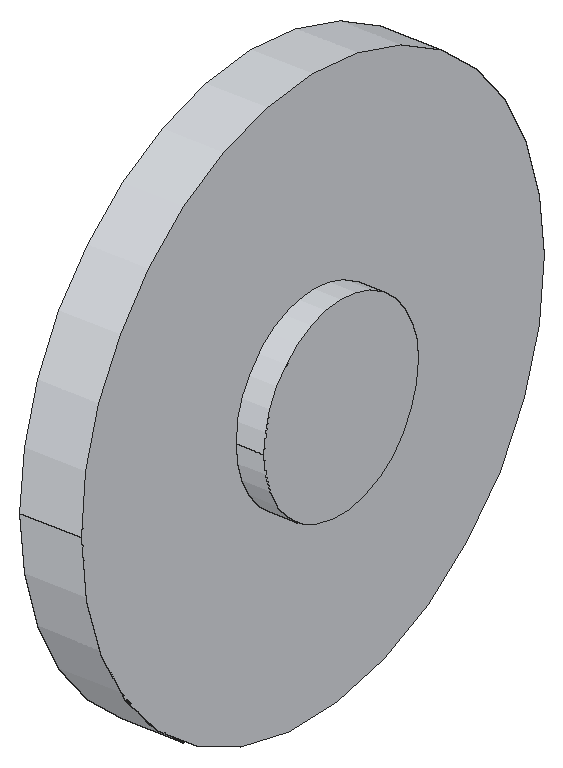
Revit family "ba337de5ef834553a02dcac9fde7aa9d", category Pipe Fittings, Revit 2021
Family settings
  Round Connector Dimension = Use Radius
  Part Type = Flange
  OmniClass Number = 23.60.30.11.14
  OmniClass Title = Pipework Fittings
  Seek Item ID = Flange - Slip-on - Steel - Class 150-0000-USA-ENU
  Work Plane-Based = No
  Always vertical = Yes
  Cut with Voids When Loaded = No
  Shared = No
Parameters (values of type "Standard")
  Tick Size [instance] = Flange Outside Diameter * 0.4  # 1.41732"
  Raised Face Thickness [instance] = 1/16"  # constant formula
  Raised Face Radius [instance] = Raised Face Diameter / 2  # 0.68701"
  Raised Face Diameter [instance] = size_lookup(Lookup Table Name, "RFD", 1.11 * Nominal Diameter + 1 47/128", Nominal Diameter)  # 1.37402"
  Nominal Radius [instance] = 1/4"
  Nominal Diameter [instance] = Nominal Radius * 2  # 1/2"
  Loss Method = Not Defined
  Lookup Table Name = "Flange - Slip-on - Steel - Class 150"
  Length Through Hub [instance] = size_lookup(Lookup Table Name, "LTH", 0.11 * Nominal Diameter + 179/256", Nominal Diameter)  # 0.55118"
  Hub Radius [instance] = Hub Diameter / 2  # 0.59055"
  Hub Diameter [instance] = size_lookup(Lookup Table Name, "HDia", 1.08 * Nominal Diameter + 61/64", Nominal Diameter)  # 1.1811"
  Flange Thickness [instance] = size_lookup(Lookup Table Name, "FThk", 0.05 * Nominal Diameter + 143/256", Nominal Diameter)  # 0.37795"
  Flange Outside Radius [instance] = Flange Outside Diameter / 2  # 1.77165"
  Flange Outside Diameter [instance] = size_lookup(Lookup Table Name, "FOD", 1.24 * Nominal Diameter + 3 135/256", Nominal Diameter)  # 3.54331"
  Default Elevation = 0' - 0"
Reference planes (in)
  plane 1 "Center (Front/Back)": y = 0
  plane 2: z = 0
  plane 3 "Center (Left/Right)": x = 0
  plane 4: x = 0.0625
  plane 5: x = 0.44045
  plane 6: x = 0.61368
  plane 7: y = 1.41732
  plane 8: y = -1.41732
Forms (in)
  Sweep 1, solid, detail levels fine
    path in 3D
      loop
        line (0, 0, 0) -> (0.0625, 0, 0)
    profile origin (0.03125, 0, 0) x (0, 1, 0) y (0, 0, 1)
      loop
        circle (0, 0) r 0.68701
  Sweep 2, solid, detail levels fine
    path in 3D
      loop
        line (0.0625, 0, 0) -> (0.44045, 0, 0)
    profile origin (0.25148, 0, 0) x (0, 1, 0) y (0, 0, 1)
      loop
        circle (0, 0) r 1.77165
  Sweep 3, solid, detail levels fine
    path in 3D
      loop
        line (0.44045, 0, 0) -> (0.61368, 0, 0)
    profile origin (0.52707, 0, 0) x (0, 1, 0) y (0, 0, 1)
      loop
        circle (0, 0) r 0.59055
Cuts and joins
  joined: Sweep 1, Sweep 2, Sweep 3
Lines and regions (in)
  model lines, detail levels coarse+medium
    curve 1: line (0, 0, 0) -> (0.0625, 0, 0)
    curve 2: line (0.0625, 0, 0) -> (0.44045, 0, 0)
    curve 3: line (0.44045, 0, 0) -> (0.61368, 0, 0)
    curve 7: line (0.44045, 1.41732, 0) -> (0.44045, -1.41732, 0)
  sketch lines
    curve 4: line (0, 0, 0) -> (0.0625, 0, 0)
    curve 5: line (0.0625, 0, 0) -> (0.44045, 0, 0)
    curve 6: line (0.44045, 0, 0) -> (0.61368, 0, 0)
Dimensions and locks (in)
  "Raised Face Thickness": plane 3 "Center (Left/Right)" to plane 4
  "Flange Thickness": plane 4 to plane 5
  "Length Through Hub": plane 4 to plane 6
  equal spacing: plane 7, plane 1 "Center (Front/Back)", plane 8
  "Tick Size": plane 7 to plane 1 "Center (Front/Back)"
  "Raised Face Radius": radius of Sweep 1 sketch curve
  "Flange Outside Radius": radius of Sweep 2 sketch curve
  "Hub Radius": radius of Sweep 3 sketch curve
  aligned and locked: plane 3 "Center (Left/Right)" to curve 1
  aligned and locked: plane 4 to curve 1
  aligned and locked: plane 1 "Center (Front/Back)" to curve 1
  aligned and locked: plane 1 "Center (Front/Back)" to curve 2
  aligned and locked: plane 5 to curve 3
  aligned and locked: plane 6 to curve 3
  aligned and locked: plane 1 "Center (Front/Back)" to curve 3
  aligned and locked: plane 7 to curve 7
  aligned and locked: plane 8 to curve 7
  aligned and locked: curve 7 to plane 5
Automatic sketch dimensions
  Sweep 1 sketch curve to profile plane = 0' - 0"  (x2)
  Sweep 2 sketch curve to profile plane = 0' - 0"  (x2)
  Sweep 3 sketch curve to profile plane = 0' - 0"  (x2)
Connectors (in)
  piping at (0, 0, 0), diameter 0.5, driven by "Nominal Radius"
    settings: on cut or joined group of Sweep 1, Sweep 2, Sweep 3, index 1, connector inside diameter 1/2", connector length 0' - 0", flow factor 0, pipe flow 0 GPM, pressure drop 0.00 psi, fitting loss kfactor 0, connector angle 0.00°, fixture units 0, engagement length 0' - 0", angle of deflection 0.00°, flow configuration 0, flow direction 0, fitting loss method 0, system type 28, joint type 0, gender type 0, connector reference index 2, connector utility 0, adjustable connector no, is connector primary yes, connector description ""
  piping at (0.61368, 0, 0), diameter 0.5, driven by "Nominal Radius"
    settings: on cut or joined group of Sweep 1, Sweep 2, Sweep 3, index 2, connector inside diameter 1/2", connector length 0' - 0", flow factor 0, pipe flow 0 GPM, pressure drop 0.00 psi, fitting loss kfactor 0, connector angle 0.00°, fixture units 0, engagement length 0' - 0", angle of deflection 0.00°, flow configuration 0, flow direction 0, fitting loss method 0, system type 28, joint type 0, gender type 0, connector reference index 1, connector utility 0, adjustable connector no, is connector primary no, connector description ""
